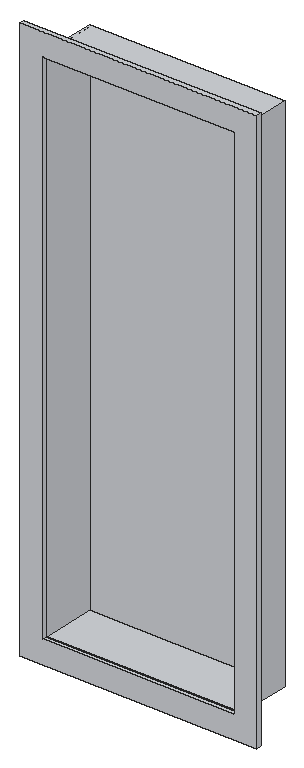
Revit family "Hager-VOLTA-Hollow_wall-Other-Without_Cover-Without_DIN-NoHosted-CH-it", category Electrical Equipment, Revit 2023
Family settings
  Panel Configuration = Two Columns, Circuits Across
  Round Connector Dimension = Use Diameter
  Part Type = Panelboard
  Work Plane-Based = Yes
  Always vertical = Yes
  Cut with Voids When Loaded = No
  Maintain Annotation Orientation = No
  Shared = No
  Room Calculation Point = No
Parameters (values of type "VOLTA-Hollow_wall_W348_H880_D98_12_Modular_Spacing-VH60NK")
  Width Control [instance] = if([HG000006-Flush mounted-it], if([EF000846 - larghezza di montaggio] > min_whd, [EF000846 - larghezza di montaggio], min_whd), if([EF000008 - larghezza] > min_whd, ([EF000008 - larghezza]), min_whd))  # 314 mm
  Void Depth [instance] = if([EF000218 - profondità di montaggio] > 1 mm, [EF000218 - profondità di montaggio], 1 mm)  # 90 mm
  Uniformat code = "D501001"
  Uniformat = "Low Tension Service & Dist."
  Référence = ""
  HGEF0002950-larghezza in unità di suddivisione = 12
  HGEF000266-Numero di file = 5
  HG000131 - Functional label [instance] = ""
  HG000130 - Functional name [instance] = ""
  HG000099-Onfly Template ID-it-CH = "507532"
  HG000059-Operating voltage-it-CH [instance] = 230 V
  HG000017-Distance between poles-it = 18 mm
  HG000016-Door 3D visibility-it = yes
  HG000015-Clearance visibility-it = yes
  HG000014-Door on the right-it = yes
  HG000013-Door on the left-it = no
  HG000012-Door swing angle-it = 90.00°
  HG000011-Empty rows from bottom-it = no
  HG000010-Asymmetric doors-it = no
  HG000009-Double swing door-it = no
  HG000008-Number of empty rows-it = 0
  HG000007-Number of empty columns-it = 0
  HG000006-Flush mounted-it = yes
  HG000005-Thickness-it = 2 mm
  HG000004-Manufacturer reference-it = "VH60NK"
  HG000003-Range-it = "VOLTA"
  HG000002-with door or cover-it = no
  HG000001 - Numero di colonne = 0
  ETIM class name = "Small distribution board"
  ETIM class code = "EC000214"
  EF015941 - porta di trasmissione del segnale = no
  EF015777 - morsettiera a conduttore neutro = no
  EF015776 - morsetto di messa a terra = no
  EF009212 - tipo di coperchio = ""
  EF006306 - con serratura = no
  EF006244 - coperchio/porta trasparente = no
  EF005474 - grado di protezione (IP) = "altri"
  EF004464 - tipo di porta = ""
  EF004462 - tipo di chiusura = "altri"
  EF002950 - numero di unità modulari = 12
  EF001596 - materiale della scatola = ""
  EF001134 - barra DIN = no
  EF001131 - profondità interna = 0 mm
  EF001088 - possibilità di applicazione = yes
  EF001062 - versione EMC = no
  EF000846 - larghezza di montaggio = 314 mm
  EF000339 - tipo di copertura = ""
  EF000332 - altezza di installazione = 846 mm
  EF000266 - numero di file = 5
  EF000218 - profondità di montaggio = 90 mm
  EF000118 - con piastra di montaggio = no
  EF000116 - numero RAL = 9010
  EF000049 - profondità = 98 mm
  EF000040 - altezza = 880 mm
  EF000024 - resistente ai raggi UV = no
  EF000008 - larghezza = 348 mm
  EF000007 - colore = "bianco"
  EF000003 - modo di montaggio = "parete forata"
  Type Comments = ""
  System Height [instance] = Height Control - 2 * [HG000005-Thickness-it]  # 842 mm
  Reference description = ""
  Reference = "VOLTA-Hollow_wall_W348_H880_D98_12_Modular_Spacing-VH60NK"
  Panel Name [instance] = ""  # (empty or 0)
  Offset [instance] = 0 mm
  Object type = ""
  Name hager = "ADD_Enclosures_EC000214"
  Name BIM&CO = "Electricity"
  Name = "VOLTA-Hollow_wall-Other-Without_Cover-Without_DIN-CH"
  Model = ""
  Level Offset [instance] = [Flush Mounted - Door Frame Width] + Offset  # 34 mm
  HG000060-RAL-number = "9010"
  GTIN (Global Trade Item Number) = ""
  Description = ""
  Default Elevation = 1200 mm
  Creation Date = "12/15/2025 21:43:36"
  Code hager = "ADD-EC000214_EU"
  Code Uniformat = ""
  BIM&CO code = ""
  BC_VARIANT_ID = "1174143"
  BC_OBJECT_VERSION = "#9"  # constant formula
  BC_OBJECT_ID = "513470"  # constant formula
  BC_MODEL_ID = "1547121"  # constant formula
  BC_METADATA = "{\"ObjectGuid\":\"bc35c96e-cb38-443e-833d-0616858cb9ac\",\"ModelGuid\":\"8af03f69-2293-4735-a617-cc53adf55621\",\"VariantGuid\":\"8b6e323b-1b53-409a-a940-11b5a7fc5337\",\"Revision\":\"#4\",\"VariantName\":\"Template-Enclosure_EU-EC000214\"}"
  Arrow Offset [instance] = Depth Control / 8  # 11.25 mm
  Arrow Height [instance] = Depth Control - Arrow Offset  # 78.75 mm
  Host Offset [instance] = if([HG000006-Flush mounted-it], 0 mm, [EF000049 - profondità])  # 0 mm
  min_whd [instance] = (2 * [HG000005-Thickness-it]) + 1 mm  # 5 mm
  Manufacturer = "Hager"  # constant formula
  Height Control [instance] = if([HG000006-Flush mounted-it], if([EF000332 - altezza di installazione] > min_whd, [EF000332 - altezza di installazione], min_whd), if([EF000040 - altezza] > min_whd, ([EF000040 - altezza]), min_whd))  # 846 mm
  Flush Mounted - Door Frame Width [instance] = if(([EF000040 - altezza] - [EF000332 - altezza di installazione]) > 0 mm, if([HG000006-Flush mounted-it], [EF000040 - altezza] - [EF000332 - altezza di installazione], 0 mm), 0 mm)  # 34 mm
  Depth Control [instance] = if([HG000006-Flush mounted-it], if([EF000218 - profondità di montaggio] > 0 mm, [EF000218 - profondità di montaggio], 1 mm), if([EF000049 - profondità] > 0 mm, ([EF000049 - profondità]), 1 mm))  # 90 mm
Types (5, lengths in mm): name | HGEF000266-Numero di file | HG000004-Manufacturer reference-it | EF009212 - tipo di coperchio | EF004462 - tipo di chiusura | EF001062 - versione EMC | EF000332 - altezza di installazione | EF000266 - numero di file | EF000049 - profondità | EF000040 - altezza | EF000008 - larghezza | System Height | Reference | Level Offset | BC_VARIANT_ID | Height Control | Flush Mounted - Door Frame Width
  VOLTA-Hollow_wall_W330_H355_D94_12_Modular_Spacing-VH12NK | 1 | "VH12NK" | "chiuso" | "" | yes | 346 | 1 | 94 | 355 | 330 | 342 | "VOLTA-Hollow_wall_W330_H355_D94_12_Modular_Spacing-VH12NK" | 9 | "1174126" | 346 | 9
  VOLTA-Hollow_wall_W348_H505_D98_12_Modular_Spacing-VH24NK | 2 | "VH24NK" | "" | "altri" | no | 471 | 2 | 98 | 505 | 348 | 467 | "VOLTA-Hollow_wall_W348_H505_D98_12_Modular_Spacing-VH24NK" | 34 | "1174131" | 471 | 34
  VOLTA-Hollow_wall_W348_H630_D98_12_Modular_Spacing-VH36NK | 3 | "VH36NK" | "" | "altri" | no | 596 | 3 | 98 | 630 | 348 | 592 | "VOLTA-Hollow_wall_W348_H630_D98_12_Modular_Spacing-VH36NK" | 34 | "1174136" | 596 | 34
  VOLTA-Hollow_wall_W348_H755_D98_12_Modular_Spacing-VH48NK | 4 | "VH48NK" | "" | "altri" | no | 721 | 4 | 98 | 755 | 348 | 717 | "VOLTA-Hollow_wall_W348_H755_D98_12_Modular_Spacing-VH48NK" | 34 | "1174140" | 721 | 34
  VOLTA-Hollow_wall_W348_H880_D98_12_Modular_Spacing-VH60NK | 5 | "VH60NK" | "" | "altri" | no | 846 | 5 | 98 | 880 | 348 | 842 | "VOLTA-Hollow_wall_W348_H880_D98_12_Modular_Spacing-VH60NK" | 34 | "1174143" | 846 | 34
Reference planes
  plane 1 "Center (Front/Back)": y = 0
  plane 2: z = 0
  plane 3 "Center (Left/Right)": x = 0
  plane 4: y = 36
  plane 5: y = 90
  plane 6: y = 34
  plane 7: z = 0
  plane 8: x = -157
  plane 9: x = 157
  plane 10: x = 155
  plane 11: x = -155
  plane 12: z = 34
  plane 13: z = 36
  plane 14: y = 5
  plane 15: y = 0
  plane 16: y = 88
  plane 17: z = 878
  plane 18: z = 880
  plane 19: z = 457
  plane 20: x = 0
  plane 21: y = -100
  plane 22 "Annotation H": y = -300
  plane 23 "Annotation V": x = 357
Forms (mm)
  Extrusion 1, solid
    sketch origin (-208.679, -4572, 34) x (-1, 0, 0) y (0, -1, 0)
      loop
        line (-51.679, -4572) -> (-365.679, -4572) -> (-365.679, -4662) -> (-51.679, -4662) -> (-51.679, -4572)
    from 0 to 846 <- "Height Control"
  Extrusion 2, void
    sketch origin (-350.771, 0, 1219.2) x (1, 0, 0) y (0, 0, 1)
      loop
        line (195.771, -341.2) -> (195.771, -1183.2) -> (505.771, -1183.2) -> (505.771, -341.2) -> (195.771, -341.2)
    from 0 to -88
  Extrusion 3, solid, detail levels coarse+medium
    sketch origin (-350.771, 0, 1219.2) x (-1, 0, 0) y (0, 0, 1)
      loop
        line (-195.771, -341.2) -> (-505.771, -341.2) -> (-505.771, -1183.2) -> (-195.771, -1183.2) -> (-195.771, -341.2)
    from 0 to 2 <- "HG000005-Thickness-it"
Cuts and joins
  Extrusion 2 cuts Extrusion 1
Dimensions and locks
  "Flush Mounted - Door Frame Width": plane 1 "Center (Front/Back)" to plane 6
  "HG000005-Thickness-it": plane 4 to plane 6
  "HG000005-Thickness-it": plane 8 to plane 11
  "HG000005-Thickness-it": plane 9 to plane 10
  equal spacing: plane 8, plane 3 "Center (Left/Right)", plane 9
  "Width Control": plane 8 to plane 9
  locked: plane 14 to plane 15 at 5
  "Host Offset": plane 1 "Center (Front/Back)" to plane 15
  "Depth Control": plane 5 to plane 15
  "HG000005-Thickness-it": plane 5 to plane 16
  "HG000005-Thickness-it": plane 13 to plane 12
  "Level Offset": plane 12 to level
  "HG000005-Thickness-it": plane 18 to plane 17
  "Height Control": plane 18 to plane 12
  "Arrow Offset": plane 5 to nested 4
  equal spacing: plane 18, plane 19, plane 12
  locked: connector elem to plane 19
  locked: connector elem to plane 3 "Center (Left/Right)"
  Extrusion 2 sketch curve to Extrusion 2 sketch curve to plane 9 = 310 mm, 2 mm
  locked: plane 9 to plane 23 "Annotation V" at 200
  locked: plane 22 "Annotation H" to plane 1 "Center (Front/Back)" at 300
  aligned and locked: nested 1 to plane 14
  aligned and locked: plane 3 "Center (Left/Right)" to nested 1
  aligned and locked: plane 3 "Center (Left/Right)" to nested 2
  aligned and locked: nested 2 to plane 15
  aligned and locked: plane 5 to Extrusion 1
  aligned and locked: Extrusion 3 sketch curve to plane 17
  aligned and locked: Extrusion 3 sketch curve to plane 11
  aligned and locked: plane 13 to Extrusion 3 sketch curve
  aligned and locked: Extrusion 3 sketch curve to plane 10
  aligned and locked: plane 13 to Extrusion 2 sketch curve
  aligned and locked: Extrusion 2 sketch curve to plane 17
  aligned and locked: plane 16 to Extrusion 2
  aligned and locked: plane 5 to Extrusion 1 sketch curve
  aligned and locked: plane 9 to Extrusion 1 sketch curve
  aligned and locked: plane 8 to Extrusion 1 sketch curve
  aligned and locked: plane 8 to nested 4
  aligned and locked: plane 8 to nested 3
  aligned and locked: nested 3 to plane 5
  aligned and locked: Extrusion 1 sketch curve to plane 15
  aligned and locked: Extrusion 2 to plane 15
  aligned and locked: nested 5 to plane 22 "Annotation H"
  aligned and locked: plane 23 "Annotation V" to nested 5
  aligned and locked: plane 11 to Extrusion 2
  aligned and locked: plane 10 to Extrusion 2
Nested families
  nested 1: "Hager_Enclosure_System" at (0, 5, 36), Height <- "System Height", Width_Control <- "Width Control", Built-in_Width <- "EF000846 - larghezza di montaggio", Width <- "EF000008 - larghezza", Depth <- "HG000005-Thickness-it", Border <- "HG000005-Thickness-it", Distance_Between_Poles <- "HG000017-Distance between poles-it", Flush_Mounted <- "HG000006-Flush mounted-it", Empty_Columns <- "HG000007-Number of empty columns-it", Total_No_Empty_Rows <- "HG000008-Number of empty rows-it", Empty_Rows_From_Bottom <- "HG000011-Empty rows from bottom-it", Columns_Count <- "HG000001 - Numero di colonne", Rows_Count <- "HGEF000266-Numero di file", Row_Module_Multiplicator <- "HGEF0002950-larghezza in unità di suddivisione", type "Hager_Enclosure_System", detail levels medium+fine
    with Width_Control 314 mm, Width 348 mm, Total_No_Rows 5, Total_No_Empty_Rows 0, Total_No_Columns 1, System_Width 310 mm, Rows_Count 5, Rows_Column 5, Row_Module_Multiplicator 12, Panel_4 no, Panel_3 no, Panel_2 no, Panel_1 no, No_Panels_Ctrl 1, Hide_Columns yes, Height 842 mm, Flush_Mounted yes, Empty_Rows_From_Bottom no, Empty_Rows_Column 0, Empty_Columns 0, Empty column 4 0, Empty column 3 0, Empty column 2 0, Empty column 1 0, Distance_Between_Poles 18 mm, Depth 2 mm, Columns_Count 0, Column_Width 310 mm, Built-in_Width 314 mm, Border 2 mm
  nested 2: "Hager_Enclosure_Door" at (0, 0, 34), Height_Ctrl <- "Height Control", Width_Ctrl <- "Width Control", BuiltIn_Depth <- "EF000218 - profondità di montaggio", Depth <- "EF000049 - profondità", BuiltIn_Width <- "EF000846 - larghezza di montaggio", Height <- "EF000040 - altezza", BuiltIn_Height <- "EF000332 - altezza di installazione", Width <- "EF000008 - larghezza", Transparent <- "EF006244 - coperchio/porta trasparente", Border <- "HG000005-Thickness-it", Door <- "HG000002-with door or cover-it", Flush_Mounted <- "HG000006-Flush mounted-it", Double <- "HG000009-Double swing door-it", Assymetrical <- "HG000010-Asymmetric doors-it", Angle <- "HG000012-Door swing angle-it", Door_Left <- "HG000013-Door on the left-it", Door_Right <- "HG000014-Door on the right-it", Clearance <- "HG000015-Clearance visibility-it", 3d_Door <- "HG000016-Door 3D visibility-it", type "Hager_Enclosure_Door", detail levels medium+fine
    with min_wh 5 mm, Width_Ctrl 314 mm, Width 348 mm, Transparent_Door_No_Bottom_Border no, Transparent no, Leaf_Width 307 mm, Leaf_Tolerance 1.5 mm, Leaf_Height 839 mm, Leaf_2_Width 307 mm, Leaf_2_Offset 153.5 mm, Leaf_1_Width 307 mm, Leaf_1_Offset 153.5 mm, Height_Ctrl 846 mm, Height 880 mm, Frame_Width_Ctrl 34 mm, Frame_Width 34 mm, Frame_Internal_Offset 2 mm, Frame_Height_Ctrl 34 mm, Frame_Height 34 mm, Frame_Depth_Ctrl 8 mm, Frame_Depth 8 mm, Flush_Mounted yes, Double_Clearance_Ctrl no, Double no, Door_Right_Ctrl no, Door_Right yes, Door_Left_Ctrl no, Door_Left no, Door no, Depth 98 mm, Clearance_Depth 307 mm, Clearance_Ctrl yes, Clearance yes, BuiltIn_Width 314 mm, BuiltIn_Height 846 mm, BuiltIn_Depth 90 mm, Border 2 mm, Assymetrical no, Angle 90.00°, 3d_Door yes
  nested 3: "Hager_Enclosure_Symbol_Triangle" at (-157, 90, 0), Depth <- "Depth Control", Width <- "Width Control", type "Hager_Enclosure_Symbol_Triangle"
    with Width_Ctrl 314 mm, Width 314 mm, Depth_Ctrl 90 mm, Depth 90 mm
  nested 4: "Hager_Enclosure_Symbol_Arrow" at (-157, 78.75, 0), Height <- "Arrow Height", type "Hager_Enclosure_Symbol_Arrow"
    with Width_Inside 5.906 mm, Width 70.875 mm, Height_Ctrl 78.75 mm, Height 78.75 mm
  nested 5: "Hager_Annotation-HG000130" at (357, -300, 0), HG000130 - Functional name <- "HG000130 - Functional name", type "Hager_Annotation-HG000130"
    with HG000130 - Functional name ""
Connectors
  electrical at (0, 90, 457), driven by "HG000059-Operating voltage-it-CH"
    settings: on plane 5, index 1, voltage 230 V, apparent load 0 VA, apparent load phase1 0 VA, apparent load phase2 0 VA, apparent load phase3 0 VA, power factor 1, load classification "Other", number of poles 1, system type 30, power factor state 1, is connector primary yes, connector utility no, sub classification motor no, connector description ""
Definition of nested family "Hager_Enclosure_Door"
  Parameters (values of type "Hager_Enclosure_Door")
    min_wh [instance] = (2 * Border) + 1 mm  # 11 mm
    Width_Ctrl [instance] = 400 mm
    Width [instance] = 500 mm
    Transparent_Door_No_Bottom_Border [instance] = no
    Transparent [instance] = yes
    Leaf_Width [instance] = if((Width_Ctrl - 2 * Border - 2 * Leaf_Tolerance) > 0 mm, (Width_Ctrl - 2 * Border - 2 * Leaf_Tolerance), min_wh)  # 387 mm
    Leaf_Tolerance [instance] = 1.5 mm  # constant formula
    Leaf_Height [instance] = if((Height_Ctrl - 2 * Border - 2 * Leaf_Tolerance) > 0 mm, (Height_Ctrl - 2 * Border - 2 * Leaf_Tolerance), min_wh)  # 387 mm
    Leaf_2_Width [instance] = if(and(and(Double, Assymetrical), Door_Left), (Leaf_Width / 3) - (Leaf_Tolerance / 2), if(and(and(Double, Assymetrical), Door_Right), (Leaf_Width / 3) * 2 - (Leaf_Tolerance / 2), if(and(Double, not(Assymetrical)), (Leaf_Width / 2) - Leaf_Tolerance, Leaf_Width)))  # 387 mm
    Leaf_2_Offset [instance] = if(and(Double, Assymetrical), Leaf_2_Width / 2, if(and(Double, not(Assymetrical)), Leaf_Width / 4, Leaf_Width / 2))  # 193.5 mm
    Leaf_1_Width [instance] = if(and(and(Double, Assymetrical), Door_Right), (Leaf_Width / 3) - (Leaf_Tolerance / 2), if(and(and(Double, Assymetrical), Door_Left), (Width / 3) * 2 - (Leaf_Tolerance / 2), if(and(Double, not(Assymetrical)), (Leaf_Width / 2) - Leaf_Tolerance, Leaf_Width)))  # 387 mm
    Leaf_1_Offset [instance] = if(and(Double, Assymetrical), Leaf_1_Width / 2, if(and(Double, not(Assymetrical)), Leaf_Width / 4, Leaf_Width / 2))  # 193.5 mm
    Height_Ctrl [instance] = 400 mm
    Height [instance] = 500 mm
    Frame_Width_Ctrl [instance] = if(Frame_Width > 0 mm, Frame_Width, 1 mm)  # 1 mm
    Frame_Width [instance] = Width - BuiltIn_Width  # 0 mm
    Frame_Internal_Offset [instance] = if(Flush_Mounted, Border, 0 mm)  # 5 mm
    Frame_Height_Ctrl [instance] = if(Frame_Height > 0 mm, Frame_Height, 1 mm)  # 1 mm
    Frame_Height [instance] = Height - BuiltIn_Height  # 0 mm
    Frame_Depth_Ctrl [instance] = if(Frame_Depth > 0 mm, Frame_Depth, 1 mm)  # 1 mm
    Frame_Depth [instance] = if(Depth - BuiltIn_Depth > 0 mm, if(Flush_Mounted, Depth - BuiltIn_Depth, 0 mm), 0 mm)  # 0 mm
    Flush_Mounted [instance] = yes
    Double_Clearance_Ctrl [instance] = and(Double, Clearance)  # no
    Double [instance] = no
    Door_Right_Ctrl [instance] = and(or(Door_Right, Double), Door)  # yes
    Door_Right [instance] = yes
    Door_Left_Ctrl [instance] = and(or(Door_Left, Double), Door)  # no
    Door_Left [instance] = no
    Door [instance] = yes
    Depth [instance] = 500 mm
    Default Elevation = 1219.2 mm
    Clearance_Material = none
    Clearance_Depth [instance] = if(Leaf_1_Width > Leaf_2_Width, Leaf_1_Width, Leaf_2_Width)  # 387 mm
    Clearance_Ctrl [instance] = and(not(Double), Clearance)  # yes
    Clearance [instance] = yes
    BuiltIn_Width [instance] = 500 mm
    BuiltIn_Height [instance] = 500 mm
    BuiltIn_Depth [instance] = 500 mm
    Border [instance] = 5 mm
    Assymetrical [instance] = yes
    Angle [instance] = 30.00°
    3d_Door [instance] = yes
  Reference planes
    plane 1 "Center (Front/Back)": y = 0
    plane 2 "Bottom": z = 0
    plane 3 "Center (Left/Right)": x = 0
    plane 4: z = 400
    plane 5: x = -200
    plane 6: x = 200
    plane 7: z = 395
    plane 8: x = -195
    plane 9: z = 5
    plane 10: x = 195
    plane 11: y = 0
    plane 12: z = 6.5
    plane 13: x = -582
    plane 14: y = -387
    plane 15: x = 582
    plane 16: x = 0
    plane 17: x = 0
    plane 18: x = -193.5
    plane 19: x = 193.5
    plane 20: z = 393.5
  Forms (mm)
    Extrusion 1, solid, visible <- "Flush_Mounted"
      sketch origin (0, 0, 0) x (1, 0, 0) y (0, 0, 1)
        loop
          line (195, 5) -> (195, 395) -> (-195, 395) -> (-195, 5) -> (195, 5)
        loop
          line (-201, 401) -> (-201, -1) -> (201, -1) -> (201, 401) -> (-201, 401)
      from 0 to 1 <- "Frame_Depth_Ctrl"
    Extrusion 2, solid, material <- "Clearance_Material", visible <- "Double_Clearance_Ctrl"
      sketch origin (1200, 0, 0) x (1, 0, 0) y (0, 0, -1)
        loop
          line (-1782, -393.5) -> (-618, -393.5) -> (-618, 0) -> (-1782, 0) -> (-1782, -393.5)
      from 0 to -387
  Dimensions and locks
    equal spacing: plane 5, plane 3 "Center (Left/Right)", plane 6
    "Width_Ctrl": plane 5 to plane 6
    "Border": plane 5 to plane 8
    "Border": plane 6 to plane 10
    "Border": plane 9 to level
    "Border": plane 4 to plane 7
    "Height_Ctrl": plane 4 to level
    "Leaf_Tolerance": plane 12 to plane 9
    "Frame_Depth": plane 11 to plane 1 "Center (Front/Back)"
    "Frame_Width_Ctrl": plane 5 to Extrusion 1 sketch curve
    "Frame_Width_Ctrl": plane 6 to Extrusion 1 sketch curve
    "Frame_Width_Ctrl": Extrusion 1 sketch curve to plane 4
    "Frame_Width_Ctrl": plane 2 "Bottom" to Extrusion 1 sketch curve
    "Leaf_1_Offset": plane 18 to plane 16
    "Leaf_2_Offset": plane 17 to plane 19
    "Leaf_1_Width": plane 13 to plane 8
    "Leaf_2_Width": plane 10 to plane 15
    "Clearance_Depth": plane 14 to plane 1 "Center (Front/Back)"
    "Leaf_Tolerance": plane 8 to plane 18
    "Leaf_Tolerance": plane 19 to plane 10
    "Leaf_Tolerance": plane 7 to plane 20
    "Frame_Internal_Offset": plane 5 to Extrusion 1 sketch curve
    "Frame_Internal_Offset": Extrusion 1 sketch curve to plane 2 "Bottom"
    "Frame_Internal_Offset": plane 6 to Extrusion 1 sketch curve
    "Frame_Internal_Offset": plane 4 to Extrusion 1 sketch curve
    aligned and locked: level to plane 2 "Bottom"
    aligned and locked: nested 1 to plane 16
    aligned and locked: nested 2 to plane 17
    aligned and locked: Extrusion 2 to plane 13
    aligned and locked: plane 15 to Extrusion 2
    aligned and locked: Extrusion 2 to plane 14
    aligned and locked: plane 12 to nested 1
    aligned and locked: nested 2 to plane 12
    aligned and locked: Extrusion 2 to plane 11
    aligned and locked: plane 20 to Extrusion 2
    aligned and locked: nested 2 to plane 11
    aligned and locked: nested 1 to plane 11
  Automatic sketch dimensions
    Extrusion 2 sketch curve to level = 0 mm
    plane 5 to Extrusion 2 sketch curve = 382 mm
    plane 6 to Extrusion 2 sketch curve = 382 mm
    Extrusion 2 sketch curve to plane 4 = 6.5 mm
  Nested families
    nested 1: "Hager_Enclosure_Door_Leaf" at (0, 0, 6.5), Width <- "Leaf_1_Width", visible <- "Door_Left_Ctrl", Leaf_Height <- "Leaf_Height", Angle <- "Angle", Depth <- "Border", 3d_Door <- "3d_Door", Transparent <- "Transparent", Clearance Material <- "Clearance_Material", Clearance <- "Clearance_Ctrl", Transparent_Door_No_Bottom_Border <- "Transparent_Door_No_Bottom_Border", type "Hager_Enclosure_Door_Leaf"
      with Width 387 mm, Transparent_Door_No_Bottom_Border no, Transparent_Door_Border_Bottom_Top 25 mm, Transparent_Door_Border 25 mm, Transparent_Ctrl yes, Transparent yes, Standard no, Leaf_Height 387 mm, Glass_Offset 1 mm, Depth 5 mm, Clearance Material none, Clearance yes, Angle_Ctrl 30.00°, Angle 30.00°, 3d_Door yes
    nested 2: "Hager_Enclosure_Door_Leaf" at (0, 0, 6.5) x (-1, 0, 0) z (0, 0, 1), Width <- "Leaf_2_Width", visible <- "Door_Right_Ctrl", Leaf_Height <- "Leaf_Height", Angle <- "Angle", Depth <- "Border", 3d_Door <- "3d_Door", Transparent <- "Transparent", Clearance Material <- "Clearance_Material", Clearance <- "Clearance_Ctrl", Transparent_Door_No_Bottom_Border <- "Transparent_Door_No_Bottom_Border", type "Hager_Enclosure_Door_Leaf"
      with Width 387 mm, Transparent_Door_No_Bottom_Border no, Transparent_Door_Border_Bottom_Top 25 mm, Transparent_Door_Border 25 mm, Transparent_Ctrl yes, Transparent yes, Standard no, Leaf_Height 387 mm, Glass_Offset 1 mm, Depth 5 mm, Clearance Material none, Clearance yes, Angle_Ctrl 30.00°, Angle 30.00°, 3d_Door yes
  Definition of nested family "Hager_Enclosure_Door_Leaf"
    Parameters (values of type "Hager_Enclosure_Door_Leaf")
      Width [instance] = 2000 mm
      Transparent_Door_No_Bottom_Border [instance] = yes
      Transparent_Door_Border_Bottom_Top [instance] = if(Transparent_Door_No_Bottom_Border, 0.1 mm, Transparent_Door_Border)  # 0.1 mm
      Transparent_Door_Border [instance] = if(Transparent_Door_No_Bottom_Border, (Width * 0.12), 25 mm)  # 240 mm
      Transparent_Ctrl [instance] = and(Transparent, [3d_Door])  # yes
      Transparent [instance] = yes
      Standard [instance] = and(not(Transparent), [3d_Door])  # no
      Leaf_Height [instance] = 2720.336 mm
      Glass_Offset [instance] = if((Depth - 10 mm) / 2 > 0 mm, (Depth - 10 mm) / 2, 1 mm)  # 15 mm
      Glass_Material = none
      Depth [instance] = 40 mm
      Default Elevation = 0 mm
      Clearance Material [instance] = none
      Clearance [instance] = yes
      Angle_Ctrl [instance] = if(Angle > 170.00°, 170.00°, Angle)  # 45.00°
      Angle [instance] = 45.00°
      3d_Door [instance] = yes
    Reference planes
      plane 1 "Center (Front/Back)": y = 0
      plane 2: z = 0
      plane 3 "Center (Left/Right)": x = 0
      plane 4: y = 2000
      plane 5: x = -1000
      plane 6: x = 1000
      plane 7: x = -3000
      plane 8: z = 2720.336
      plane 9: z = 0.1
      plane 10: z = 2720.236
      plane 11: x = 760
      plane 12: x = -760
    Forms (mm)
      Extrusion 1, solid, material <- "Clearance Material", visible <- "Clearance"
        sketch origin (0, 0, 0) x (1, 0, 0) y (0, 0, 1)
          loop
            line (-3000, 2720.336) -> (-3000, 0) -> (1000, 0) -> (1000, 2720.336) -> (-3000, 2720.336)
        from 0 to -2000
      Extrusion 2, solid, visible <- "Standard", detail levels medium+fine
        sketch origin (-1000, 0, 0) x (0.707107, 0.707107, 0) y (-0.707107, 0.707107, 0)
          loop
            line (0, -40) -> (2000, -40) -> (2000, 0) -> (0, 0) -> (0, -40)
        from 0 to 2720.336 <- "Leaf_Height"
      Extrusion 3, solid, visible <- "Transparent_Ctrl", detail levels medium+fine
        sketch origin (-1000, 0, 0) x (0.707107, 0.707107, 0) y (-0.707107, 0.707107, 0)
          loop
            line (0, -40) -> (2000, -40) -> (2000, 0) -> (0, 0) -> (0, -40)
        from 0 to 2720.336 <- "Leaf_Height"
      Extrusion 4, void, detail levels medium+fine
        sketch origin (-1000, 0, 0) x (-0.707107, 0.707107, 0) y (0.707107, 0.707107, 0)
          loop
            line (0, 240) -> (0, 1760) -> (-40, 1760) -> (-40, 240) -> (0, 240)
        from -2720.236 to -0.1
      Extrusion 5, solid, material <- "Glass_Material", visible <- "Transparent_Ctrl", detail levels medium+fine
        sketch origin (-1000, 0, 0) x (0.707107, 0.707107, 0) y (-0.707107, 0.707107, 0)
          loop
            line (240, -15) -> (240, -25) -> (1760, -25) -> (1760, -15) -> (240, -15)
        from 0.1 to 2720.236
    Cuts and joins
      Extrusion 4 cuts Extrusion 3
    Lines and regions (mm)
      symbolic lines
        curve 1: line (1000, 0, 0) -> (-3000, 0, 0)
        curve 2: arc (1000, 0, 0) -> (-1000, 2000, 0) -> (-3000, 0, 0) r 2000
        curve 4: line (-1000, 0, 0) -> (414.214, 1414.214, 0)
      reference lines
        curve 3: line (-1000, 0, 0) -> (414.214, 1414.214, 0)
      symbolic lines, detail levels medium+fine
        curve 5: line (414.214, 1414.214, 0) -> (442.498, 1385.929, 0)
        curve 6: line (442.498, 1385.929, 0) -> (-971.716, -28.284, 0)
        curve 7: line (-971.716, -28.284, 0) -> (-1000, 0, 0)
        curve 8: line (-1000, 0, 2720.336) -> (1000, 0, 2720.336)
        curve 9: line (-1000, 0, 0) -> (-1000, 0, 2720.336)
        curve 10: line (1000, 0, 0) -> (-1000, 0, 0)
        curve 11: line (1000, 0, 2720.336) -> (1000, 0, 0)
      symbolic lines, visible <- "Transparent_Ctrl", detail levels medium+fine
        curve 12: line (-760, 0, 2720.236) -> (760, 0, 2720.236)
        curve 13: line (-760, 0, 0.1) -> (-760, 0, 2720.236)
        curve 14: line (760, 0, 0.1) -> (-760, 0, 0.1)
        curve 15: line (760, 0, 2720.236) -> (760, 0, 0.1)
    Dimensions and locks
      "Width": plane 1 "Center (Front/Back)" to plane 4
      equal spacing: plane 5, plane 3 "Center (Left/Right)", plane 6
      "Width": plane 5 to plane 6
      "Width": plane 7 to plane 5
      "Leaf_Height": plane 8 to level
      "Depth": curve 6 to curve 3
      "Width": curve 5 to curve 3
      "Width": curve 3 to curve 3
      "Transparent_Door_Border": Extrusion 4 sketch curve to curve 7
      "Transparent_Door_Border": Extrusion 4 sketch curve to curve 5
      "Transparent_Door_Border_Bottom_Top": plane 8 to plane 10
      "Transparent_Door_Border_Bottom_Top": plane 9 to level
      "Glass_Offset": Extrusion 5 sketch curve to curve 4
      "Glass_Offset": Extrusion 5 sketch curve to curve 6
      "Transparent_Door_Border": Extrusion 5 sketch curve to curve 5
      "Transparent_Door_Border": Extrusion 5 sketch curve to curve 7
      "Transparent_Door_Border": plane 12 to plane 5
      "Transparent_Door_Border": plane 6 to plane 11
      "Angle_Ctrl": angle plane 1 "Center (Front/Back)" to curve 3
      aligned and locked: level to plane 2
      aligned and locked: Extrusion 1 to curve 1
      aligned and locked: plane 6 to Extrusion 1
      aligned and locked: Extrusion 1 to plane 1 "Center (Front/Back)"
      aligned and locked: plane 4 to Extrusion 1
      aligned and locked: plane 8 to Extrusion 1
      aligned and locked: curve 4 to curve 3
      aligned and locked: Extrusion 2 sketch curve to curve 7
      aligned and locked: Extrusion 2 sketch curve to curve 6
      aligned and locked: Extrusion 2 sketch curve to curve 5
      aligned and locked: Extrusion 2 sketch curve to curve 3
      aligned and locked: curve 7 to Extrusion 3 sketch curve
      aligned and locked: Extrusion 3 sketch curve to curve 4
      aligned and locked: Extrusion 3 sketch curve to curve 6
      aligned and locked: Extrusion 3 sketch curve to curve 5
      aligned and locked: curve 4 to Extrusion 4 sketch curve
      aligned and locked: curve 6 to Extrusion 4 sketch curve
      aligned and locked: Extrusion 4 to plane 9
      aligned and locked: Extrusion 4 to plane 10
      aligned and locked: Extrusion 5 to plane 9
      aligned and locked: Extrusion 5 to plane 10
      aligned and locked: curve 8 to plane 8
      aligned and locked: plane 5 to curve 9
      aligned and locked: plane 2 to curve 10
      aligned and locked: curve 11 to plane 6
      aligned and locked: plane 10 to curve 12
      aligned and locked: plane 12 to curve 13
      aligned and locked: curve 14 to plane 9
      aligned and locked: plane 11 to curve 15
    Automatic sketch dimensions
      plane 1 "Center (Front/Back)" to curve 2 = 0 mm
      curve 2 to plane 5 = 0 mm
      Extrusion 1 sketch curve to level = 0 mm
      Extrusion 1 sketch curve to plane 7 = 0 mm
      Extrusion 1 sketch curve to plane 6 = 0 mm
      Extrusion 1 sketch curve to plane 8 = 0 mm
      plane 1 "Center (Front/Back)" to curve 3 = 0 mm
      curve 3 to plane 5 = 0 mm
      curve 7 to curve 3 = 0 mm
Definition of nested family "Hager_Enclosure_Symbol_Triangle"
  Parameters (values of type "Hager_Enclosure_Symbol_Triangle")
    Width_Ctrl [instance] = if(Width > 1 mm, Width, 1 mm)  # 498 mm
    Width [instance] = 498 mm
    Depth_Ctrl [instance] = if(Depth > 1 mm, Depth, 1 mm)  # 72 mm
    Depth [instance] = 72 mm
  Reference planes
    plane 1 "Centre (avant/arrière)": y = 0
    plane 2: z = 0
    plane 3 "Centre (gauche/droite)": x = 0
  Lines and regions (mm)
    Filled region 1, type "Solid_Black", in view "Niveau de réf."
      outline origin (0, 0, 0) x (1, 0, 0) y (0, 1, 0)
        loop
          line (0, 0) -> (498, 0) -> (498, 72) -> (0, 0)
    reference lines, in view "Niveau de réf."
      curve 1: line (-206.153, 72, 0) -> (1083.258, 72, 0)
      curve 2: line (498, 405.456, 0) -> (498, -517.619, 0)
  Dimensions and locks
    "Depth_Ctrl": plane 1 "Centre (avant/arrière)" to curve 1
    "Width_Ctrl": plane 3 "Centre (gauche/droite)" to curve 2
    aligned and locked: curve 1 to Filled region 1 sketch curve
    aligned and locked: Filled region 1 sketch curve to plane 1 "Centre (avant/arrière)"
    aligned and locked: curve 2 to Filled region 1 sketch curve
    aligned and locked: plane 3 "Centre (gauche/droite)" to Filled region 1 sketch curve
    aligned and locked: plane 1 "Centre (avant/arrière)" to Filled region 1 sketch curve
  Automatic sketch dimensions
    curve 1 to plane 3 "Centre (gauche/droite)" = 206.153 mm
    curve 2 to curve 1 = 585.258 mm
    plane 1 "Centre (avant/arrière)" to curve 2 = 517.619 mm
    curve 2 to plane 1 "Centre (avant/arrière)" = 405.456 mm
Definition of nested family "Hager_Enclosure_Symbol_Arrow"
  Parameters (values of type "Hager_Enclosure_Symbol_Arrow")
    Width_Inside [instance] = if(Width / 12 > 2 mm, Width / 12, 2 mm)  # 4.987 mm
    Width [instance] = if(Height_Ctrl * 0.9 > 2 mm, Height_Ctrl * 0.9, 2 mm)  # 59.85 mm
    Height_Ctrl [instance] = if(Height > 2 mm, Height, 2 mm)  # 66.5 mm
    Height [instance] = 66.5 mm
  Reference planes
    plane 1 "Centre (avant/arrière)": y = 0
    plane 2: z = 0
    plane 3 "Centre (gauche/droite)": x = 0
    plane 4: x = 59.85
    plane 5: y = 28.263
    plane 6: y = 38.238
    plane 7: y = 66.5
    plane 8: x = 29.925
    plane 9: y = 33.25
  Lines and regions (mm)
    Filled region 1, type "Solid_Black", in view "Niveau de réf."
      outline origin (0, 0, 0) x (1, 0, 0) y (0, 1, 0)
        loop
          line (59.85, 66.5) -> (37.929, 52.827) -> (51.846, 41.935) -> (59.85, 66.5)
    detail lines, in view "Niveau de réf."
      curve 1: line (0, 0, 0) -> (29.925, 38.238, 0)
      curve 2: line (29.925, 38.238, 0) -> (29.925, 28.263, 0)
      curve 3: line (29.925, 28.263, 0) -> (59.85, 66.5, 0)
  Dimensions and locks
    "Width": plane 3 "Centre (gauche/droite)" to plane 4
    "Height_Ctrl": plane 7 to plane 1 "Centre (avant/arrière)"
    equal spacing: plane 3 "Centre (gauche/droite)", plane 8, plane 4
    equal spacing: plane 7, plane 9, plane 1 "Centre (avant/arrière)"
    equal spacing: plane 6, plane 9, plane 5
    "Width_Inside": plane 6 to plane 9
    equal spacing: curve 3, Filled region 1 sketch curve, Filled region 1 sketch curve
    angle Filled region 1 sketch curve to curve 3 = 20.00°
    angle curve 3 to Filled region 1 sketch curve = 20.00°
    locked: curve 3 to Filled region 1 sketch curve (angle 90.00°)
  Automatic sketch dimensions
    plane 1 "Centre (avant/arrière)" to curve 1 = 0 mm
    curve 1 to plane 3 "Centre (gauche/droite)" = 0 mm
    curve 2 to plane 6 = 0 mm
    curve 3 to plane 8 = 0 mm
    curve 3 to plane 4 = 0 mm
    curve 2 to plane 5 = 0 mm
    curve 3 to plane 7 = 0 mm
    Filled region 1 sketch curve to plane 4 = 0 mm
    Filled region 1 sketch curve to plane 7 = 0 mm
Definition of nested family "Hager_Annotation-HG000130"
  Parameters (values of type "Hager_Annotation-HG000130")
    HG000130 - Functional name [instance] = ""
  Reference planes
    plane 1: y = 0
    plane 2: x = 0
  Lines and regions (mm)
    detail lines
      curve 1: line (-27.5, 10, 0) -> (27.5, 10, 0)
      curve 2: line (-27.5, -10, 0) -> (-27.5, 10, 0)
      curve 3: line (27.5, -10, 0) -> (-27.5, -10, 0)
      curve 4: line (27.5, 10, 0) -> (27.5, -10, 0)
  Text (mm)
    label "HG000130 - Functional name" at (0.16, 0.026, 0), shows "HG000130 - Functional name"
